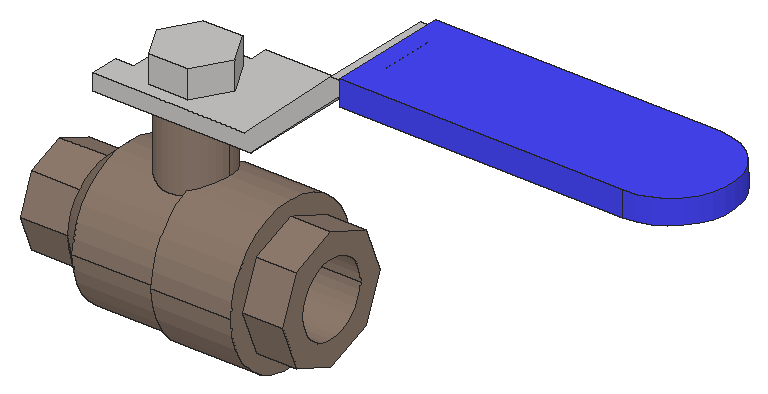
Revit family "Valve-Ball-NIBCO-Full_Port-T-585-70--", category Pipe Accessories, Revit 2019
Family settings
  Round Connector Dimension = Use Radius
  Part Type = Valve - Breaks Into
  OmniClass Number = 23.27.31.15
  Work Plane-Based = No
  Always vertical = Yes
  Cut with Voids When Loaded = No
  Shared = No
Parameters (values of type "ERROR_LOAD TYPE CATALOG")
  Version = 3
  Valve Body Chamfer Offset = if(((Valve Body Radius - Primary End Radius) / tan(45.00°)) < 0' 0 1/16", 0' 0 1/16", (Valve Body Radius - Primary End Radius) / tan(45.00°))  # 0' - 0.15813"
  built-in parameter 1114242 [instance] = 1
  Unit Weight Value = 0.49
  Unit Weight = 1.00 lbf * Unit Weight Value  # 0.49 lbf
  URL = "http://www.nibco.com/"
  Tick Size = Connection to Connection / sqrt(3)  # 0' - 0.69917"
  ThomasNet URL = "https://www.ThomasNet.com/"
  Symbol Length = Tick Size / 2  # 0' - 0.34959"
  Stem Operator Offset = if(or(Operator Selector = 0' 2", and(Operator Selector = 0' 7", Operator Selector Length = 0' 2")), 0' 0", Operator Vertical Offset)  # 0' - 0.06"
  Standards = "Conforms to MSS SP-110"
  Series = "T"
  Overall Length = 0' - 4.9"
  Operator Material = Metal - NIBCO - Steel - Stainless
  Operator 9 Selector Length = if(Operator Selector > 0' 8", Operator Selector Length, 0' 1")  # 0' - 1"
  Operator 9 = n_DS Lever Handles_Type2(Vert Chain Op) : Standard
  Operator 8 Selector Length = if(Operator Selector = 0' 8", Operator Selector Length, 0' 1")  # 0' - 1"
  Operator 8 = n_DS Lever Handles_Type2(Hor Chain Op) : Standard
  Octagon Nut Circumscribe Length 1 = size_lookup("n_GM_Ball Valve Body_Type30", "F2", 0' 0", Connection Size)  # 0' - 0.68"
  Female Thread End Inside Radius 2 = size_lookup("n_DS Thr Fem Ends_Type1", "FTEMAD1", 0' 0", Connection Size) / 2  # 0' - 0.26804"
  Female Thread End Length 2 = size_lookup("n_DS Thr Fem Ends_Type1", "FTEL1", 0' 0", Connection Size)  # 0' - 0.3945"
  Product Page URL = "http://www.nibco.com/Valves/Ball-Valves/Bronze-Ball-Valves/T-585-70-Two-Piece-Bronze-Ball-Valve-Full-Port-Threaded/"
  Female Thread End Length 1 = size_lookup("n_DS Thr Fem Ends_Type1", "FTEL1", 0' 0", Connection Size)  # 0' - 0.3945"
  Female Thread End Inside Radius 1 = size_lookup("n_DS Thr Fem Ends_Type1", "FTEMAD1", 0' 0", Connection Size) / 2  # 0' - 0.26804"
  Plan Single Lines [instance] = not(Isometric Single Lines)  # yes
  Overall Height = 0' - 2.305"
  Operator Selector = 0' - 1"
  Operator Selector Length = 0' - 1"
  Operator In Use = if(Operator Selector = 0' 2", Operator 2, if(Operator Selector = 0' 3", Operator 3, if(Operator Selector = 0' 6", Operator 6, if(Operator Selector = 0' 7", Operator 7, if(Operator Selector = 0' 8", Operator 8, if(Operator Selector > 0' 8", Operator 9, Operator 1))))))  # n_DS Lever Handles_Type2 : Standard
  Operator 6 Selector Length = if(Operator Selector = 0' 6", Operator Selector Length, 0' 1")  # 0' - 1"
  Operator 6 = n_DS Lever Handles_Type2(Wing2) : Standard
  Operator 7 Selector Length = if(Operator Selector = 0' 7", Operator Selector Length, 0' 1")  # 0' - 1"
  Operator 7 = n_DS Round Handle_Type1 : Standard
  Operator 3 Selector Length = if(Operator Selector = 0' 3", Operator Selector Length, 0' 1")  # 0' - 1"
  Operator 1 Handle Thickness = size_lookup("n_DS Lever Handles_Type2", "T", 0' 0", Operator 1 Selector Length)  # 0' - 0.12"
  Operator 3 = n_DS T Handles_Type1 : Standard
  Operator 2 Selector Length = if(Operator Selector = 0' 2", Operator Selector Length, 0' 1")  # 0' - 1"
  Operator 2 = n_DS Lever Handles_Type2(Extended) : Standard
  Operator 1 Selector Length = if(Operator Selector < 0' 2", Operator Selector Length, 0' 1")  # 0' - 1"
  Operator 1 = n_DS Lever Handles_Type2 : Standard
  Nut Visibility = "1"
  Nut Size Selector Length = 0' - 1"
  Model = "T-585-70"
  Minimum Operating Temperature = 0 °F
  Maximum Working Pressure = 600.00 psi
  Maximum Operating Temperature = 0 °F
  Material Number = "NL95004"
  Manufacturer = "NIBCO"  # constant formula
  Loss Method = K Coefficient from Table
  Center to Handle End = 0' - 3.89949"
  Body Length = 0' - 2"
  Valve Raised Body Depth = size_lookup("n_GM_Ball Valve Body_Type30", "L5", 0' 0", Connection Size, 0' 0")  # 0' - 0.49"
  Valve Body Secondary End Offset = size_lookup("n_GM_Ball Valve Body_Type30", "L4", 0' 0", Connection Size, 0' 0")  # 0' - 0.7"
  Operator Vertical Offset = size_lookup("n_GM_Ball Valve Body_Type30", "L3", 0' 0", Connection Size, 0' 0")  # 0' - 0.06"
  Valve Body Primary End Offset = size_lookup("n_GM_Ball Valve Body_Type30", "L2", 0' 0", Connection Size, 0' 0")  # 0' - 0.49"
  K Coefficient Table = "Ball Valve Full Port Full Open"
  K Coefficient = 0.19716
  Isometric Single Lines [instance] = no
  Hex Nut Visibility = not(Nut Size Selector Length = 0' 0")  # yes
  Hex Nut Height = size_lookup("n_GM_Nut_Type2", "HH", 0' 0", if(Hex Nut Visibility, Nut Size Selector Length, 0' 1"))  # 0' - 0.2"
  Hex Nut Circumscribe Length = size_lookup("n_GM_Nut_Type2", "HCL", 0' 0", if(Hex Nut Visibility, Nut Size Selector Length, 0' 1"))  # 0' - 0 1/2"
  Handle Height = 0' - 0.74"
  Flow Configuration = "Bi-directional"
  Octagon Nut Circumscribe Length 2 = size_lookup("n_GM_Ball Valve Body_Type30", "F", 0' 0", Connection Size)  # 0' - 0.83"
  ENGworks URL = "http://www.ENGworksGlobal.com/"
  Description = "Two-Piece Bronze Ball Valve - Full Port"
  Primary End Radius = ((Octagon Nut Circumscribe Length 1 / (1 + sqrt(2))) * sqrt(4 + 2 * sqrt(2))) / 2  # 0' - 0.36801"
  Body Radius = Body Diameter / 2  # 0' - 0.555"
  Valve Stem Outside Radius = size_lookup("n_GM_Ball Valve Body_Type30", "D4", 0' 0", Connection Size, 0' 0") / 2  # 0' - 0 1/4"
  Valve Stem Inside Radius = size_lookup("n_GM_Ball Valve Body_Type30", "D3", 0' 0", Connection Size, 0' 0") / 2  # 0' - 0.2"
  Valve Body Radius = size_lookup("n_GM_Ball Valve Body_Type30", "D2", 0' 0", Connection Size, 0' 0") / 2  # 0' - 0.52614"
  Cv Coefficient = 4.2
  Connection to Connection = Body Length - Female Thread End Length 1 - Female Thread End Length 2  # 0' - 1.211"
  Connection Type = "Female NPT Thread (FIPT)"
  Connection Size = 1/4"
  Connection Radius = Connection Size / 2  # 1/8"
  Center to End 1 = 0' - 1"
  Centerline to Handle Height = 0' - 1 3/4"
  Valve Material = Metal - NIBCO - Bronze
  Body Diameter = 0' - 1.11"
  Assembly Code = "D2090800"
  Actual Valve Body Radius = if(Valve Body Radius < Primary End Radius, size_lookup("n_GM_Ball Valve Body_Type30", "DB", 0' 0", Connection Size, 0' 0") / 2, Valve Body Radius)  # 0' - 0.52614"
Reference planes (in)
  plane 1 "Center (Front/Back)": y = 0
  plane 2: z = 0
  plane 3 "Center (Left/Right)": x = 0
  plane 4: x = -0.6055
  plane 5: x = 0.6055
  plane 6: x = -1
  plane 7: x = 1
  plane 8: x = 0
  plane 9: z = 1.75
  plane 10: x = -0.64813
  plane 11: x = -0.49
  plane 12: x = 0.7
  plane 13: x = 0.1155
  plane 14: x = -0.49
  plane 15: z = 1.01
  plane 16: z = 0.95
  plane 17: x = -0.543
  plane 18: x = 0.543
  plane 19: z = 1.13
  plane 20: z = 1.33
  plane 21: z = 0.95
  plane 22: x = -0.49
  plane 23: x = -0.64813
  plane 24: x = 3.89949
Forms (in)
  SweptBlend 1, solid, material "Metal - NIBCO - Bronze" <- "Valve Material", detail levels fine
    path origin (0, 0, 0) x (1, 0, 0) y (0, 1, 0)
      loop
        line (-0.49, 0) -> (-0.64813, 0)
    profile "Profile-Pipe OR : Valve Body OR Profile" origin (-0.49, 0, 0) x (0, -1, 0) y (0, 0, 1)
      loop
        circle (0, 0) r 0.52614
    end profile "Profile-Pipe OR : Primary End OR Profile" origin (-0.64813, 0, 0) x (0, -1, 0) y (0, 0, 1)
      loop
        circle (0, 0) r 0.36801
  Sweep 2, solid, material "Metal - NIBCO - Bronze" <- "Valve Material", detail levels fine
    path origin (0, 0, 0) x (1, 0, 0) y (0, 1, 0)
      loop
        line (0.1155, 0) -> (0.7, 0)
    profile "Profile-Pipe OR : Valve Elevated Body Profile" origin (0.40775, 0, 0) x (0, 1, 0) y (0, 0, 1)
      loop
        circle (0, 0) r 0.555
  Sweep 3, solid, material "Metal - NIBCO - Bronze" <- "Valve Material", detail levels fine
    path origin (0, 0, 0) x (1, 0, 0) y (0, 1, 0)
      loop
        line (-0.49, 0) -> (0.7, 0)
    profile "Profile-Pipe OR : Valve Body OR Profile" origin (0.105, 0, 0) x (0, 1, 0) y (0, 0, 1)
      loop
        circle (0, 0) r 0.52614
  Sweep 4, solid, material "Metal - NIBCO - Bronze" <- "Valve Material", detail levels fine
    path origin (0, 0, 0) x (1, 0, 0) y (0, 0, 1)
      loop
        line (0, 0) -> (0, 0.95)
    profile "Profile-Pipe OR : Valve Stem OR Profile" origin (0, 0, 0.475) x (-1, 0, 0) y (0, -1, 0)
      loop
        circle (0, 0) r 0.25
  Sweep 5, solid, material "Metal - NIBCO - Bronze" <- "Valve Material", detail levels fine
    path origin (0, 0, 0) x (1, 0, 0) y (0, 0, 1)
      loop
        line (0, 0.95) -> (0, 1.01)
    profile "Profile-Pipe OR : Valve Stem IR Profile" origin (0, 0, 0.98) x (-1, 0, 0) y (0, -1, 0)
      loop
        circle (0, 0) r 0.2
  Sweep 6, void
    path origin (0, 0, 0) x (1, 0, 0) y (0, 1, 0)
      loop
        line (-0.6055, 0) -> (-1, 0)
    profile "Profile-Pipe OR : Primary End IR Profile" origin (-0.80275, 0, 0) x (0, -1, 0) y (0, 0, 1)
      loop
        circle (0, 0) r 0.26804
  Sweep 7, void
    path origin (0, 0, 0) x (1, 0, 0) y (0, 1, 0)
      loop
        line (0.6055, 0) -> (1, 0)
    profile "Profile-Pipe OR : Secondary End IR Profile" origin (0.80275, 0, 0) x (0, 1, 0) y (0, 0, 1)
      loop
        circle (0, 0) r 0.26804
  Sweep 8, solid, not visible, detail levels fine
    path origin (0, 0, 0) x (1, 0, 0) y (0, 1, 0)
      loop
        line (-0.543, 0) -> (-0.6055, 0)
    profile "Profile-Pipe OR : Connection Disk" origin (-0.57425, 0, 0) x (0, -1, 0) y (0, 0, 1)
      loop
        circle (0, 0) r 0.0625
  Sweep 9, solid, not visible, detail levels fine
    path origin (0, 0, 0) x (1, 0, 0) y (0, 1, 0)
      loop
        line (0.543, 0) -> (0.6055, 0)
    profile "Profile-Pipe OR : Connection Disk" origin (0.57425, 0, 0) x (0, 1, 0) y (0, 0, 1)
      loop
        circle (0, 0) r 0.0625
  Sweep 10, solid, material "Metal - NIBCO - Steel - Stainless", visible <- "Hex Nut Visibility", detail levels fine
    path origin (0, 0, 0) x (1, 0, 0) y (0, 0, 1)
      loop
        line (0, 1.13) -> (0, 1.33)
    profile "Profile-Hex : Hex Nut Profile" origin (0, 0, 1.23) x (-1, 0, 0) y (0, -1, 0)
      loop
        line (-0.14434, -0.25) -> (0.14434, -0.25) -> (0.28868, 0) -> (0.14434, 0.25) -> (-0.14434, 0.25) -> (-0.28868, 0) -> (-0.14434, -0.25)
  Sweep 11, solid, material "Metal - NIBCO - Bronze" <- "Valve Material", detail levels fine
    path origin (0, 0, 0) x (1, 0, 0) y (0, 1, 0)
      loop
        line (-0.64813, 0) -> (-1, 0)
    profile "Profile-Oct : Valve Oct 1 Nut Profile" origin (-0.82406, 0, 0) x (0, -1, 0) y (0, 0, 1)
      loop
        line (0, -0.36801) -> (0.26022, -0.26022) -> (0.36801, 0) -> (0.26022, 0.26022) -> (0, 0.36801) -> (-0.26022, 0.26022) -> (-0.36801, 0) -> (-0.26022, -0.26022) -> (0, -0.36801)
  Sweep 12, solid, material "Metal - NIBCO - Bronze" <- "Valve Material", detail levels fine
    path origin (0, 0, 0) x (1, 0, 0) y (0, 1, 0)
      loop
        line (0.7, 0) -> (1, 0)
    profile "Profile-Oct : Valve Oct 2 Nut Profile" origin (0.85, 0, 0) x (0, 1, 0) y (0, 0, 1)
      loop
        line (0, -0.44919) -> (0.31763, -0.31763) -> (0.44919, 0) -> (0.31763, 0.31763) -> (0, 0.44919) -> (-0.31763, 0.31763) -> (-0.44919, 0) -> (-0.31763, -0.31763) -> (0, -0.44919)
Cuts and joins
  Sweep 6, Sweep 7 cuts SweptBlend 1
  Sweep 6, Sweep 7 cuts Sweep 2
  Sweep 6, Sweep 7 cuts Sweep 3
  Sweep 6, Sweep 7 cuts Sweep 4
  Sweep 6, Sweep 7 cuts Sweep 5
  Sweep 6 cuts Sweep 11
  Sweep 7 cuts Sweep 12
  joined: SweptBlend 1, Sweep 2, Sweep 3, Sweep 4, Sweep 5, Sweep 11, Sweep 12
Lines and regions (in)
  model lines, style "PipeAccessory", visible <- "Plan Single Lines", detail levels coarse+medium
    curve 1: line (-0.6055, 0.34959, 0) -> (-0.6055, -0.34959, 0)
    curve 2: line (0.6055, -0.34959, 0) -> (0.6055, 0.34959, 0)
    curve 3: circle (0, 0, 0) r 0.34959 normal (0, 0, 1)
    curve 4: line (0.6055, 0.69917, 0) -> (0, 0.69917, 0)
    curve 5: line (0, 0.69917, 0) -> (0, 0.34959, 0)
  model lines, visible <- "Isometric Single Lines", detail levels coarse+medium
    curve 6: circle (0, 0, 0) r 0.34959 normal (0, -1, 0)
    curve 7: line (-0.6055, 0, 0.34959) -> (-0.6055, 0, -0.34959)
    curve 8: line (0.6055, 0, -0.34959) -> (0.6055, 0, 0.34959)
    curve 9: line (0.6055, 0, 0.69917) -> (0, 0, 0.69917)
    curve 10: line (0, 0, 0.69917) -> (0, 0, 0.34959)
Dimensions and locks (in)
  equal spacing: plane 4, plane 3 "Center (Left/Right)", plane 5
  "Connection to Connection": plane 4 to plane 5
  "Female Thread End Length 1": plane 6 to plane 4
  "Female Thread End Length 2": plane 5 to plane 7
  "Center to End 1": plane 6 to plane 8
  "Centerline to Handle Height": plane 9 to plane 2
  "Valve Body Chamfer Offset": plane 10 to plane 11
  "Valve Body Secondary End Offset": plane 8 to plane 12
  "Valve Body Primary End Offset": plane 14 to plane 8
  "Handle Height": plane 9 to plane 15
  "Operator Vertical Offset": plane 15 to plane 16
  locked: plane 4 to plane 17 at 0.0625
  locked: plane 18 to plane 5 at 0.0625
  "Operator 1 Handle Thickness": plane 19 to plane 15
  "Hex Nut Height": plane 20 to plane 19
  locked: plane 1 "Center (Front/Back)" to curve 3 at 0
  equal spacing: curve 1, plane 1 "Center (Front/Back)", curve 1
  equal spacing: curve 2, plane 1 "Center (Front/Back)", curve 2
  "Tick Size": curve 1 to curve 1
  "Tick Size": curve 2 to curve 2
  "Tick Size": plane 1 "Center (Front/Back)" to curve 4
  locked: plane 2 to curve 6 at 0
  equal spacing: curve 7, plane 2, curve 7
  equal spacing: curve 8, plane 2, curve 8
  "Tick Size": curve 7 to curve 7
  "Tick Size": curve 8 to curve 8
  "Tick Size": curve 9 to plane 2
  locked: curve 6 to plane 3 "Center (Left/Right)" at 0
  locked: plane 3 "Center (Left/Right)" to curve 3 at 0
  "Stem Operator Offset": plane 15 to plane 21
  "Valve Raised Body Depth": plane 13 to plane 5
  "Valve Body Primary End Offset": plane 11 to plane 8
  "Valve Body Chamfer Offset": plane 23 to plane 22
  "Valve Body Primary End Offset": plane 22 to plane 8
  "Center to Handle End": plane 24 to plane 8
  "Symbol Length": radius of curve 3
  "Symbol Length": radius of curve 6
  aligned and locked: level to plane 2
  aligned and locked: SweptBlend 1 sketch curve to plane 1 "Center (Front/Back)"
  aligned and locked: plane 10 to SweptBlend 1 sketch curve
  aligned and locked: plane 11 to SweptBlend 1 sketch curve
  aligned and locked: plane 1 "Center (Front/Back)" to Sweep 2 sketch curve
  aligned and locked: plane 13 to Sweep 2 sketch curve
  aligned and locked: plane 12 to Sweep 2 sketch curve
  aligned and locked: plane 1 "Center (Front/Back)" to Sweep 3 sketch curve
  aligned and locked: plane 12 to Sweep 3 sketch curve
  aligned and locked: plane 8 to Sweep 4 sketch curve
  aligned and locked: plane 2 to Sweep 4 sketch curve
  aligned and locked: plane 8 to Sweep 5 sketch curve
  aligned and locked: plane 15 to Sweep 5 sketch curve
  aligned and locked: plane 16 to Sweep 5 sketch curve
  aligned and locked: plane 4 to Sweep 6 sketch curve
  aligned and locked: Sweep 6 sketch curve to plane 1 "Center (Front/Back)"
  aligned and locked: plane 6 to Sweep 6 sketch curve
  aligned and locked: plane 1 "Center (Front/Back)" to Sweep 7 sketch curve
  aligned and locked: plane 5 to Sweep 7 sketch curve
  aligned and locked: Sweep 8 sketch curve to plane 1 "Center (Front/Back)"
  aligned and locked: plane 4 to Sweep 8 sketch curve
  aligned and locked: plane 17 to Sweep 8 sketch curve
  aligned and locked: plane 1 "Center (Front/Back)" to Sweep 9 sketch curve
  aligned and locked: plane 18 to Sweep 9 sketch curve
  aligned and locked: plane 5 to Sweep 9 sketch curve
  aligned and locked: plane 8 to Sweep 10 sketch curve
  aligned and locked: plane 19 to Sweep 10 sketch curve
  aligned and locked: plane 20 to Sweep 10 sketch curve
  aligned and locked: curve 1 to plane 4
  aligned and locked: plane 5 to curve 2
  aligned and locked: plane 5 to curve 4
  aligned and locked: curve 7 to plane 4
  aligned and locked: plane 5 to curve 8
  aligned and locked: plane 5 to curve 9
  aligned and locked: curve 10 to plane 3 "Center (Left/Right)"
  aligned and locked: curve 5 to plane 3 "Center (Left/Right)"
  aligned and locked: plane 15 to nested 1
  aligned and locked: plane 8 to nested 1
  aligned and locked: plane 1 "Center (Front/Back)" to nested 1
  aligned and locked: plane 21 to Sweep 4 sketch curve
  aligned and locked: plane 14 to Sweep 3 sketch curve
  aligned and locked: plane 6 to Sweep 11 sketch curve
  aligned and locked: Sweep 11 sketch curve to plane 1 "Center (Front/Back)"
  aligned and locked: plane 7 to Sweep 12 sketch curve
  aligned and locked: plane 1 "Center (Front/Back)" to Sweep 12 sketch curve
  aligned and locked: plane 12 to Sweep 12 sketch curve
  aligned and locked: plane 7 to Sweep 7 sketch curve
  aligned and locked: plane 23 to Sweep 11 sketch curve
Nested families (in)
  nested 1: "n_DS Lever Handles_Type2" at (0, 0, 1.01), type <- "Operator In Use", type "Standard", detail levels fine
    with built-in parameter 1114242 1
Connectors (in)
  piping at (-0.6055, 0, 0), diameter 0.25, driven by "Connection Radius", driven by "K Coefficient"
    settings: on Sweep 8, index 1, connector inside diameter 24", connector length 0' - 0", flow factor 0, pipe flow 0 GPM, pressure drop 0.00 psi, fitting loss kfactor 0.19716, connector angle 0.00°, fixture units 0, engagement length 0' - 0", angle of deflection 0.00°, flow configuration 0, flow direction 0, fitting loss method 2, system type 29, joint type 0, gender type 0, connector reference index 2, connector utility 0, adjustable connector no, is connector primary yes, connector description ""
  piping at (0.6055, 0, 0), diameter 0.25, driven by "Connection Radius", driven by "K Coefficient"
    settings: on Sweep 9, index 2, connector inside diameter 24", connector length 0' - 0", flow factor 0, pipe flow 0 GPM, pressure drop 0.00 psi, fitting loss kfactor 0.19716, connector angle 0.00°, fixture units 0, engagement length 0' - 0", angle of deflection 0.00°, flow configuration 0, flow direction 0, fitting loss method 2, system type 29, joint type 0, gender type 0, connector reference index 1, connector utility 0, adjustable connector no, is connector primary no, connector description ""
Definition of nested family "n_DS Lever Handles_Type2"
  Parameters (values of type "Standard")
    W1 = size_lookup("n_DS Lever Handles_Type2", "W1", 0' 0", Handle Selector Length)  # 0' - 0.89"
    W = size_lookup("n_DS Lever Handles_Type2", "W", 0' 0", Handle Selector Length)  # 0' - 0.83"
    Version = "1"
    T1 = size_lookup("n_DS Lever Handles_Type2", "T1", 0' 0", Handle Selector Length)  # 0' - 0.18"
    T = size_lookup("n_DS Lever Handles_Type2", "T", 0' 0", Handle Selector Length)  # 0' - 0.12"
    R = size_lookup("n_DS Lever Handles_Type2", "R", 0' 0", Handle Selector Length)  # 0' - 0.3486"
    L1 = size_lookup("n_DS Lever Handles_Type2", "L1", 0' 0", Handle Selector Length)  # 0' - 2.535"
    L = size_lookup("n_DS Lever Handles_Type2", "L", 0' 0", Handle Selector Length)  # 0' - 3.9"
    Handle Selector Length = 0' - 1"
    built-in parameter 1114242 [instance] = 1
    URL = "http://www.nibco.com"
    Model = ""
    Manufacturer = "NIBCO"  # constant formula
    Loss Method = (empty or 0)
    Handle Material = none
    H = size_lookup("n_DS Lever Handles_Type2", "H", 0' 0", Handle Selector Length)  # 0' - 0.74"
    Grip Material = none
    G = size_lookup("n_DS Lever Handles_Type2", "G", 0' 0", Handle Selector Length)  # 0' - 0 17/128"
    F = size_lookup("n_DS Lever Handles_Type2", "F", 0' 0", Handle Selector Length)  # 0' - 0 17/128"
    E = size_lookup("n_DS Lever Handles_Type2", "E", 0' 0", Handle Selector Length)  # 0' - 0 17/256"
    Description = ""
    B = size_lookup("n_DS Lever Handles_Type2", "B", 0' 0", Handle Selector Length)  # 0' - 0.664"
    Assembly Code = "D2090800"
    A = size_lookup("n_DS Lever Handles_Type2", "A", 0' 0", Handle Selector Length)  # 0' - 0.4814"
  Reference planes (in)
    plane 1 "Center (Front/Back)": y = 0
    plane 2: z = 0
    plane 3 "Center (Left/Right)": x = 0
    plane 4: x = 3.9
    plane 5: z = 0.74
    plane 6: x = -0.4814
    plane 7: x = 0.664
    plane 8: x = 1.30244
    plane 9: x = 1.365
    plane 10: z = 0.12
    plane 11: y = -0.3486
    plane 12: y = 0.4814
    plane 13: y = 0.0664
    plane 14: z = 0.56
    plane 15: z = 0.65
    plane 16: z = 0.12
    plane 17: z = 0.06
    plane 18: z = 0.56
    plane 19: z = 0.65
    plane 20: y = 0.5114
    plane 21: y = -0.3786
    plane 22: y = 0.0664
    plane 23: x = 3.455
    plane 24: x = 3.01
    plane 25: x = 1.365
    plane 26: z = 0.18
    plane 27: z = -0.18
    plane 28: y = 0.4814
    plane 29: y = -0.3486
    plane 30: y = 0.0664
    plane 31: y = -0.1328
    plane 32: y = 0.3486
    plane 33: x = -0.3486
    plane 34: x = 0.1328
    plane 35: y = 0.6614
    plane 36: y = -0.5286
    plane 37: x = -0.6614
  Forms (in)
    Sweep 1, solid, material <- "Handle Material", detail levels fine
      path origin (0, 0, 0) x (1, 0, 0) y (0, 0, 1)
        loop
          line (-0.4814, 0.06) -> (0.664, 0.06) -> (1.30244, 0.65) -> (1.365, 0.65)
      profile origin (0.0913, 0, 0.06) x (0, 0, 1) y (0, -1, 0)
        loop
          line (0.06, -0.4814) -> (0.06, 0.3486) -> (-0.06, 0.3486) -> (-0.06, -0.4814) -> (0.06, -0.4814)
    Sweep 2, solid, material <- "Grip Material", detail levels fine
      path origin (0, 0, 0) x (1, 0, 0) y (0, 0, 1)
        loop
          line (3.9, 0.74) -> (3.9, 0.56)
      profile origin (3.9, 0, 0.65) x (0, -1, 0) y (1, 0, 0)
        loop
          arc (0.3786, -0.445) -> (-0.0664, 0) -> (-0.5114, -0.445) r 0.445
          line (-0.5114, -0.445) -> (-0.5114, -2.535) -> (0.3786, -2.535) -> (0.3786, -0.445)
    Sweep 3, void
      path origin (0, 0, 0) x (1, 0, 0) y (0, 0, 1)
        loop
          line (-0.4814, -0.18) -> (-0.4814, 0.18)
      profile origin (-0.4814, 0, 0) x (-1, 0, 0) y (0, -1, 0)
        loop
          line (-0.4814, -0.3486) -> (-0.6142, -0.3486) -> (-0.6142, -0.6614) -> (0.18, -0.6614) -> (0.18, 0.5286) -> (0, 0.5286) -> (0, 0.1328) -> (-0.1328, 0.1328) -> (-0.1328, 0)
          arc (-0.1328, 0) -> (-0.2349, -0.2465) -> (-0.4814, -0.3486) r 0.3486
  Cuts and joins
    Sweep 3 cuts Sweep 1
  Dimensions and locks (in)
    "L": plane 4 to plane 3 "Center (Left/Right)"
    "H": plane 5 to plane 2
    "A": plane 3 "Center (Left/Right)" to plane 6
    "B": plane 7 to plane 3 "Center (Left/Right)"
    "L1": plane 4 to plane 9
    locked: plane 9 to plane 8 at 0.06256
    "T": plane 10 to plane 2
    "E": plane 13 to plane 1 "Center (Front/Back)"
    equal spacing: plane 12, plane 13, plane 11
    "T1": plane 5 to plane 14
    equal spacing: plane 5, plane 15, plane 14
    equal spacing: plane 16, plane 17, plane 2
    "T": plane 16 to plane 2
    equal spacing: plane 5, plane 19, plane 18
    "T1": plane 5 to plane 18
    "W": plane 12 to plane 11
    "E": plane 1 "Center (Front/Back)" to plane 22
    equal spacing: plane 20, plane 22, plane 21
    "W1": plane 21 to plane 20
    equal spacing: plane 24, plane 23, plane 4
    "W1": plane 24 to plane 4
    "L1": plane 25 to plane 4
    equal spacing: plane 26, plane 2, plane 27
    "T1": plane 2 to plane 27
    equal spacing: plane 29, plane 30, plane 28
    "W": plane 28 to plane 29
    "E": plane 1 "Center (Front/Back)" to plane 30
    "F": plane 31 to plane 1 "Center (Front/Back)"
    "R": plane 1 "Center (Front/Back)" to plane 32
    "R": plane 33 to plane 3 "Center (Left/Right)"
    "G": plane 3 "Center (Left/Right)" to plane 34
    "T1": plane 29 to plane 36
    "T1": plane 35 to plane 28
    "T1": plane 37 to plane 6
    aligned and locked: level to plane 2
    aligned and locked: plane 6 to Sweep 1 sketch curve
    aligned and locked: Sweep 1 sketch curve to plane 10
    aligned and locked: plane 2 to Sweep 1 sketch curve
    aligned and locked: Sweep 1 sketch curve to plane 12
    aligned and locked: Sweep 1 sketch curve to plane 11
    aligned and locked: plane 15 to Sweep 1 sketch curve  (x2)
    aligned and locked: plane 8 to Sweep 1 sketch curve
    aligned and locked: plane 17 to Sweep 1 sketch curve
    aligned and locked: plane 7 to Sweep 1 sketch curve
    aligned and locked: plane 5 to Sweep 2 sketch curve
    aligned and locked: plane 18 to Sweep 2 sketch curve
    aligned and locked: Sweep 2 sketch curve to plane 4
    aligned and locked: plane 21 to Sweep 2 sketch curve  (x2)
    aligned and locked: plane 23 to Sweep 2 sketch curve  (x2)
    aligned and locked: plane 20 to Sweep 2 sketch curve
    aligned and locked: Sweep 2 sketch curve to plane 25
    aligned and locked: plane 9 to Sweep 1 sketch curve
    aligned and locked: plane 26 to Sweep 3 sketch curve
    aligned and locked: plane 27 to Sweep 3 sketch curve
    aligned and locked: plane 6 to Sweep 3 sketch curve  (x2)
    aligned and locked: plane 33 to Sweep 3 sketch curve  (x2)
    aligned and locked: plane 1 "Center (Front/Back)" to Sweep 3 sketch curve
    aligned and locked: Sweep 3 sketch curve to plane 31
    aligned and locked: plane 3 "Center (Left/Right)" to Sweep 3 sketch curve
    aligned and locked: Sweep 3 sketch curve to plane 32
    aligned and locked: plane 34 to Sweep 3 sketch curve
    aligned and locked: Sweep 3 sketch curve to plane 37
    aligned and locked: plane 35 to Sweep 3 sketch curve
    aligned and locked: Sweep 3 sketch curve to plane 36
